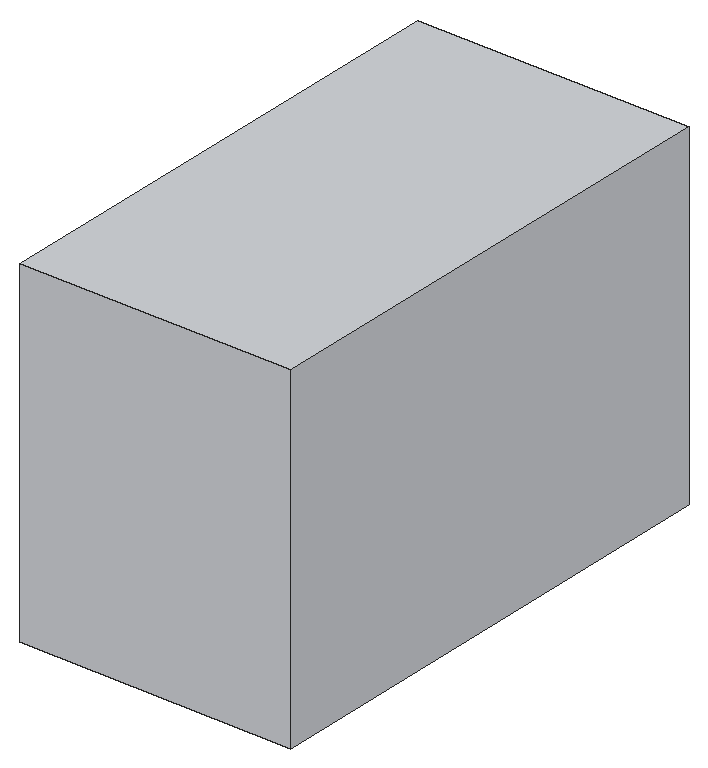
Revit family "XXX_ELT_Trafo", category Elektrische Ausstattung, Revit 2015
Parameters (values of type "2200x1000x1500 (LxBxH)")
  durchmesser_symbol = Breite / 3  # 400 mm
  Länge = 2200 mm
  Höhe = 1500 mm
  Breite = 1200 mm
Types (2, lengths in mm): name | durchmesser_symbol | Länge | Höhe | Breite
  1600x900x1000 (LxBxH) | 300 | 1600 | 1000 | 900
  2200x1000x1500 (LxBxH) | 400 | 2200 | 1500 | 1200
Reference planes
  plane 1 "Mitte (Vorne/Hinten)": y = 0
  plane 2: z = 0
  plane 3 "Mitte (Links/Rechts)": x = 0
  plane 4 "hinten": y = 1100
  plane 5 "vorne": y = -1100
  plane 6 "rechts": x = 600
  plane 7 "links": x = -600
  plane 8 "OK": z = 1500
Forms (mm)
  Extrusion 1, solid
    sketch origin (0, 0, 0) x (1, 0, 0) y (0, 1, 0)
      loop
        line (-600, 1100) -> (-600, -1100) -> (600, -1100) -> (600, 1100) -> (-600, 1100)
    from 0 to 1500
Lines and regions (mm)
  symbolic lines
    curve 1: circle (-2.319, 200, 0) r 400 normal (0, 0, 1)
    curve 2: circle (-2.319, -200, 0) r 400 normal (0, 0, -1)
Dimensions and locks
  "Länge": plane 4 "hinten" to plane 5 "vorne"
  equal spacing: plane 4 "hinten", plane 1 "Mitte (Vorne/Hinten)", plane 5 "vorne"
  "Breite": plane 7 "links" to plane 6 "rechts"
  equal spacing: plane 7 "links", plane 3 "Mitte (Links/Rechts)", plane 6 "rechts"
  "Höhe": plane 8 "OK" to level
  "durchmesser_symbol": curve 1 to curve 2
  equal spacing: curve 1, plane 1 "Mitte (Vorne/Hinten)", curve 2
  "durchmesser_symbol": radius of curve 1
  "durchmesser_symbol": radius of curve 2
  aligned and locked: level to plane 2
  aligned and locked: Extrusion 1 to plane 4 "hinten"
  aligned and locked: Extrusion 1 to plane 5 "vorne"
  aligned and locked: Extrusion 1 to plane 6 "rechts"
  aligned and locked: Extrusion 1 to plane 7 "links"
  aligned and locked: Extrusion 1 to plane 8 "OK"
Automatic sketch dimensions
  Extrusion 1 sketch curve to plane 5 "vorne" = 0 mm
  Extrusion 1 sketch curve to plane 7 "links" = 0 mm
  Extrusion 1 sketch curve to plane 6 "rechts" = 0 mm
  Extrusion 1 sketch curve to plane 4 "hinten" = 0 mm
  curve 2 to plane 3 "Mitte (Links/Rechts)" = 2.319 mm
  curve 1 to plane 3 "Mitte (Links/Rechts)" = 2.319 mm
